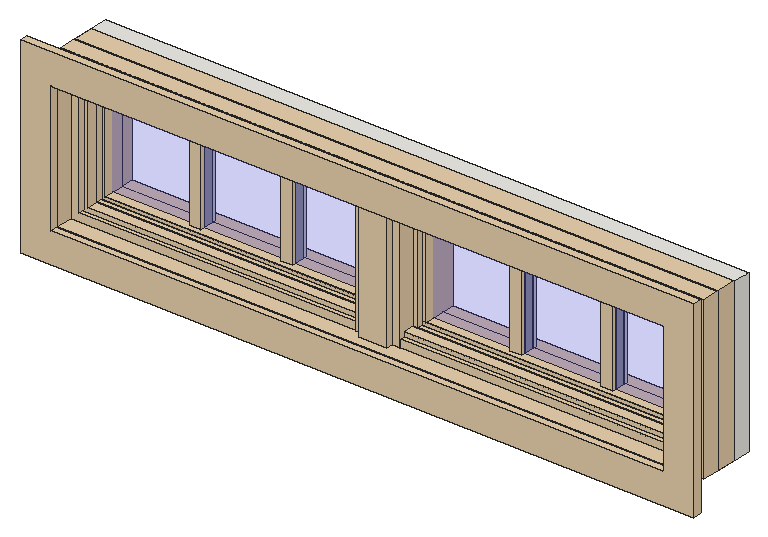
Revit family "1 Window-Transom_Fixed-Andersen-400_Series_Twin", category Windows, host Wall, Revit 2014
Parameters
  XPanelWidth = (Width / 2) - 0' 1 17/256"  # 1' - 10 239/256"
  XPanelHeight = Height - 0' 1 1/8"  # 0' - 10 7/8"
  Visual Light Transmittance = 0.48  # constant formula
  Thermal Resistance (R) = 0.62871  # 3.5700 (h·ft²·°F)/BTU
  TFL = if(Fractional Lights High > 5, 3, if(or(Fractional Lights High = 4, Fractional Lights High = 5), 2, if(or(Fractional Lights High = 2, Fractional Lights High = 3), 1, 1)))  # 2
  TFB = TFL - 1  # 1
  Solar Heat Gain Coefficient = 0.21  # constant formula
  Learn About These Parameters = "http://www.andersenwindows.com/for-professionals/cad-symbols-bim-support-window-doors/bim-support"
  LWide = if(Enter Pattern Number = 3, 3, if(Enter Pattern Number = 1, . . Lights Wide, Fractional Lights Wide))  # 3
  Heat Transfer Coefficient (U) = 1.5899  # 0.2800 BTU/(h·ft²·°F)
  Glazing Material = Glass ‐ Andersen - Low-E4 SmartSun
  Fractional Lights Wide = 3
  Fractional Lights High = 5
  Exterior Unit Finish = Vinyl - Andersen - White
  Enter Jamb Condition = 1
  ..Jamb Condition Number 1 = "Extension Jamb Only"  # constant formula
  ..Jamb Condition Number 2 = "Narrow Drywall Return"  # constant formula
  ..Jamb Condition Number 3 = "Wide Drywall Return"  # constant formula
  Available Grille Bar Sizes = "3/4'', 7/8'', 1 1/8'', 2 1/4''"  # constant formula
  Between Glass Grille Bar Sizes = "3/4'', 1''"  # constant formula
  Interior Casing = yes
  Grille Bar Size = 0' - 0 7/8"
  Enter Pattern Number = 1
  ..Pattern Number 1 = "Colonial"  # constant formula
  . . Lights Wide = 3
  . . Lights High = 1
  ..Pattern Number 2 = "Modified Colonial"  # constant formula
  ..Pattern Number 3 = "Prairie"  # constant formula
  ..Pattern Number 4 = "Short Fractional"  # constant formula
  ..Pattern Number 5 = "Tall Fractional"  # constant formula
  Extension Jamb = yes
  Enter Exterior Trim Number = 0
  ..Exterior Trim Number 0 = "No Exterior Trim"  # constant formula
  ..Exterior Trim Number 1 = "Brick Mould"  # constant formula
  ..Exterior Trim Number 2 = "3 1/2'' Flat Casing"  # constant formula
  ..Exterior Trim Number 3 = "4 1/2'' Flat Casing"  # constant formula
  Interior Grille Bar = yes
  Exterior Grille Bar = yes
  Between Glass Grille Bar = yes
  xjamb Visibility [instance] = and(and(Enter Jamb Condition = 1, Wall Depth > 0' 2 7/8"), Extension Jamb)  # yes
  xjamb S1 [instance] = if(Wall Depth > 0' 3", Wall Depth - 0' 2 27/32", 0' 3")  # 0' - 1 23/32"
  sill nose1 = 0' - 1 13/16"  # constant formula
  sill nose 2 = 0' - 1 15/16"  # constant formula
  casingS2 = if(Enter Exterior Trim Number = 1, 0' 0 3/16", 0' 0 3/16")  # 0' - 0 3/16"
  casingS1 = if(Enter Exterior Trim Number = 1, 0' 0 7/16", 0' 0 3/16")  # 0' - 0 3/16"
  casing4 = if(Enter Exterior Trim Number = 1, 0' 1 3/4", if(Enter Exterior Trim Number = 2, 0' 3 1/4", 0' 4 1/4"))  # 0' - 4 1/4"
  casing3 = 0' - 0 1/2"  # constant formula
  casing2 = 0' - 0 7/8"  # constant formula
  casing1 = 0' - 0 1/4"  # constant formula
  Xjamb 2 = if(or(Enter Jamb Condition = 2, Enter Jamb Condition = 3), 0' 0 1/32", 0' 0 1/2")  # 0' - 0 1/2"
  Xjamb 1 = if(or(Enter Jamb Condition = 2, Enter Jamb Condition = 3), 0' 0 5/8", 0' 1 3/32")  # 0' - 1 3/32"
  Wall Thickness [instance] = 0' - 6"
  Wall Depth [instance] = 0' - 4 9/16"
  Void Offset 2 = if(Enter Exterior Trim Number > 0, 0' 1 15/16", 0' 0")  # 0' - 0"
  Void Offset 1 = if(Enter Exterior Trim Number > 0, casing4, 0' 0")  # 0' - 0"
  Void Depth [instance] = if(Wall Thickness > Wall Depth, 0' 1" + Wall Thickness - Wall Depth, 0' 1")  # 0' - 2 7/16"
  VeriLock Sensor [instance] = no
  VGB DLO = if(Enter Pattern Number = 3, 0' 4", (H DLO - (Grille Bar Size * (V Bars))) / if(LWide > 2, LWide, 3))  # 1' - 1.91667"
  V Bars = if(Enter Pattern Number = 3, 2, if(LWide > 2, LWide - 1, 2))  # 2
  URL = "www.andersenwindows.com"
  Type Comments = "Vinyl-clad wood casement/awning transom window"
  TS V DLO = Height - HGO - SGO  # 0' - 7 1/2"
  TS V Bar Length = if(or(Enter Pattern Number = 5, Enter Pattern Number = 2), ((((Height - HGO - SGO - (Grille Bar Size * (Fractional Lights High - 1))) / Fractional Lights High)) * TFL) + (TFB * Grille Bar Size), if(Enter Pattern Number = 4, ((Height - HGO - SGO - (Grille Bar Size * (Fractional Lights High - 1))) / Fractional Lights High), Height - HGO - SGO))  # 0' - 7 1/2"
  TS SH DLO = if(or(Enter Pattern Number = 5, Enter Pattern Number = 2), ((((Height - HGO - SGO - (Grille Bar Size * (Fractional Lights High - 1))) / Fractional Lights High)) * TFL) + (TFB * Grille Bar Size) + HGO + (Grille Bar Size / 2), if(Enter Pattern Number = 4, TS V Bar Length + HGO + (Grille Bar Size / 2), (TS V DLO / 2) + HGO))  # 0' - 6"
  TS S V = or(and(LWide = 2, Enter Pattern Number = 1), and(Fractional Lights Wide = 2, or(or(Enter Pattern Number = 2, Enter Pattern Number = 4), Enter Pattern Number = 5)))  # no
  TS S H Craftsman = and(Enter Pattern Number = 2, or(Fractional Lights High = 4, Fractional Lights High = 5))  # no
  TS S H = or(or(or(and(. . Lights High = 2, Enter Pattern Number = 1), and(Enter Pattern Number = 4, Fractional Lights High > 1)), and(Enter Pattern Number = 5, Fractional Lights High > 1)), and(Enter Pattern Number = 2, Fractional Lights High > 1))  # no
  TS M V = LWide > 2  # yes
  TS M H = or(or(Enter Pattern Number = 3, and(. . Lights High > 2, Enter Pattern Number = 1)), and(Enter Pattern Number = 2, Fractional Lights High > 5))  # no
  TS HGB DLO = if(Enter Pattern Number = 1, if(. . Lights High > 2, ((TS V Bar Length - (Grille Bar Size * (. . Lights High - 1))) / . . Lights High), 0' 4"), if(Enter Pattern Number = 3, 0' 4", if(Fractional Lights High > 2, ((TS V Bar Length - (Grille Bar Size * 2)) / 3), 0' 4")))  # 0' - 4"
  TS H Bars = if(Enter Pattern Number = 3, 2, if(Enter Pattern Number = 1, if(. . Lights High > 2, . . Lights High - 1, 2), 2))  # 2
  Step Visibility = or(Enter Jamb Condition = 2, Enter Jamb Condition = 3)  # no
  Step Jamb2 = if(Enter Jamb Condition = 2, 0' 0 1/4", 0' 0 13/16")  # 0' - 0 13/16"
  Step Jamb1 = 0' - 1 1/8"  # constant formula
  Sill Stop Dim [instance] = 0' - 2 1/2"
  SGO = 0' - 2 1/4"  # constant formula
  Rough Width = Width + (Rough Opening Offset * 2)  # 4' - 0 1/2"
  Rough Opening Offset = 0' - 0 1/4"
  Rough Height = Height + (Rough Opening Offset * 2)  # 1' - 0 1/2"
  Push Out Stop Visibility [instance] = no
  Product Documentation Link = "https://www.andersenwindows.com/windows-and-doors/series/400-series/"
  Plan Exterior Mask Visibility [instance] = Plan Exterior Mask 2 > 0' 0 1/32"  # yes
  Plan Exterior Mask 2 [instance] = if(Enter Exterior Trim Number > 0, if(Wall Depth + 0' 1 1/16" + casingS1 > Wall Thickness, 0' 0 1/32", Wall Thickness - Wall Depth - 0' 1 1/16" - casingS1), if(Wall Depth + 0' 1 1/16" > Wall Thickness, 0' 0 1/32", Wall Thickness - Wall Depth - 0' 0 1/16"))  # 0' - 1 3/8"
  Plan Exterior Mask [instance] = if(Enter Exterior Trim Number > 0, 0' 1 1/16" + casingS1, 0' 1 1/16")  # 0' - 1 1/16"
  Nail Fin Visibility = Enter Exterior Trim Number = 0  # yes
  Model = "400-Series Casement/Awning Transom"  # constant formula
  Masonry Width = if(Enter Exterior Trim Number > 0, Width + ((casing4 + Masonry Opening Offset) * 2), Width + (Masonry Opening Offset * 2))  # 4' - 0 1/2"
  Masonry Opening Offset = 0' - 0 1/4"
  Masonry Height = if(Enter Exterior Trim Number > 0, Height + (casing4 + Masonry Opening Offset) + (sill nose 2 + Masonry Opening Offset), Height + (Masonry Opening Offset * 2))  # 1' - 0 1/2"
  Manufacturer = "Andersen Corporation"  # constant formula
  JGO = 0' - 2 1/4"  # constant formula
  Interior Trim Visibility = and(Enter Jamb Condition = 1, Interior Casing)  # yes
  Interior Material = Wood - Andersen - Pine
  Interior Casing Size = 0' - 2 1/4"
  Horizontal Craftsman Bar Size = 0' - 0 7/8"
  Height = 1' - 0"
  Head Stop Dim [instance] = 0' - 2 17/64"
  HGO = 0' - 2 1/4"  # constant formula
  H DLO = Width - (JGO * 2)  # 3' - 7 1/2"
  Family Version = "01.01.19"  # constant formula
  Exterior Trim Finish = Fibrex Composite - Andersen - White
  Designation = "P"
  Description = "Vinyl-clad wood casement/awning transom window"  # constant formula
  Default Sill Height = 6' 10 1/2" - Rough Height  # 5' - 10"
  Wall Closure = By host
  Width = 4' - 0"
  Crank Out Stop Visibility [instance] = yes
  Coarse Plan [instance] = if(Wall Depth < Wall Thickness, Wall Depth, Wall Thickness)  # 0' - 4 9/16"
  Casing Visibility = Enter Exterior Trim Number > 0  # no
  Between Glass Grille Bar Finish = Stainless Steel - Andersen - Standard
  Bar Center Line = if(Enter Pattern Number = 3, 1, 2)  # 2
  Assembly Code = "B2020100"
Reference planes (in)
  plane 1 "Center (Front/Back)": y = 16.46373
  plane 2: z = 0
  plane 3 "Center (Left/Right)": x = 0
  plane 4 "R Frame": x = -24
  plane 5 "L Frame": x = 24
  plane 6 "B Frame": z = 70.25
  plane 7 "T Frame": z = 82.25
  plane 8 "L Glazing": x = 21.75
  plane 9 "L Ext Frame": x = 23.4375
  plane 10 "L Stop": x = 22
  plane 11 "L Xjamb 1": x = 22.90625
  plane 12 "L Casing 1": x = 23.75
  plane 13 "L Xjamb 2": x = 23.5
  plane 14 "L Rough Opening": x = 24.25
  plane 15 "L Casing 2": x = 27.375
  plane 16 "L Casing 3": x = 27.75
  plane 17 "L Casing 4": x = 28.25
  plane 18 "R Glazing": x = -21.75
  plane 19 "R Ext Frame": x = -23.4375
  plane 20 "R Stop": x = -22
  plane 21 "R Xjamb 1": x = -22.90625
  plane 22 "R Casing 1": x = -23.75
  plane 23 "R Xjamb 2": x = -23.5
  plane 24 "R Rough Opening": x = -24.25
  plane 25 "R Casing 2": x = -27.375
  plane 26 "R Casing 3": x = -27.75
  plane 27 "R Casing 4": x = -28.25
  plane 28 "R Int Casing": x = -25.15625
  plane 29 "T Ext Frame": z = 81.68689
  plane 30 "T Xjamb 1": z = 81.125
  plane 31 "T Casing 1": z = 82
  plane 32 "T Xjamb 2": z = 81.75
  plane 33 "T Rough Opening": z = 82.5
  plane 34 "T Casing 2": z = 85.625
  plane 35 "T Casing 3": z = 86
  plane 36 "T Casing 4": z = 86.5
  plane 37 "T Int Casing": z = 83.375
  plane 38 "B Ext Frame": z = 70.81311
  plane 39 "B Xjamb 2": z = 70.75
  plane 40 "B Casing 1": z = 70.5
  plane 41 "B Casing 2": z = 68.3125
  plane 42 "B Int Casing": z = 69.125
  plane 43 "L Int Casing": x = 25.15625
  plane 44 "Casing S1": y = 19.52573
  plane 45 "Casing S2": y = 19.52573
  plane 46 "Frame S1": y = 19.33823
  plane 47 "Flange": y = 18.02623
  plane 48 "Sash1 S2": y = 16.46373
  plane 49 "Frame S2": y = 15.17823
  plane 50 "B Xjamb 1": z = 71.375
  plane 51 "Exterior Offset": y = 20.46373
  plane 52 "Interior Casing": y = 12.83873
  plane 53 "B Rough Opening": z = 70
  plane 54 "R Masonry Opening": x = -28.5
  plane 55 "L Masonry Opening": x = 28.5
  plane 56 "T Masonry Opening": z = 86.75
  plane 57 "B Masonry Opening": z = 68.0625
  plane 58 "Xjamb S1": y = 15.18248
  plane 59 "Sash1 S1": y = 19.02623
  plane 60 "Stop S1": y = 14.77623
  plane 61 "T Int Frame": z = 81.125
  plane 62 "B Int Frame": z = 71.375
  plane 63 "L Int Frame": x = 22.891
  plane 64 "R Int Frame": x = -22.891
  plane 65 "T Stop": z = 80.25
  plane 66 "B Stop": z = 72.25
Forms (in)
  Extrusion 1, void
    sketch origin (0, 16.46373, 0) x (1, 0, 0) y (0, 0, 1)
      loop
        line (24, 82.25) -> (-24, 82.25) -> (-24, 70.25) -> (24, 70.25) -> (24, 82.25)
    from -1.5625 to 3
  Extrusion 2, void
    sketch origin (0, 16.46373, 0) x (1, 0, 0) y (0, 0, 1)
      loop
        line (24, 82.25) -> (-24, 82.25) -> (-24, 70.25) -> (24, 70.25) -> (24, 82.25)
    from -15 to -1.5625
  Extrusion 3, solid, material "Wood - Andersen - Pine" <- "Interior Material", visible <- "xjamb Visibility", detail levels medium+fine
    sketch origin (0, -2.5625, 0) x (-1, 0, 0) y (0, 0, 1)
      loop
        line (23.5, 81.75) -> (-23.5, 81.75) -> (-23.5, 70.75) -> (23.5, 70.75) -> (23.5, 81.75)
      loop
        line (22.90625, 81.125) -> (-22.90625, 81.125) -> (-22.90625, 71.375) -> (22.90625, 71.375) -> (22.90625, 81.125)
    from 17.74498 to 16.02623
  Extrusion 4, solid, material "Wood - Andersen - Pine" <- "Interior Material", visible <- "Interior Trim Visibility", detail levels fine
    sketch origin (0, 12.83873, 0) x (-1, 0, 0) y (0, 0, 1)
      loop
        line (25.15625, 83.375) -> (-25.15625, 83.375) -> (-25.15625, 69.125) -> (25.15625, 69.125) -> (25.15625, 83.375)
      loop
        line (22.90625, 81.125) -> (-22.90625, 81.125) -> (-22.90625, 71.375) -> (22.90625, 71.375) -> (22.90625, 81.125)
    from 0 to 0.625
  Extrusion 5, solid, material "Fibrex Composite - Andersen - White" <- "Exterior Trim Finish", visible <- "Casing Visibility", detail levels medium+fine
    sketch origin (0, 0, 0) x (0, 1, 0) y (0, 0, 1)
      loop
        line (18.77536, 70.25) -> (18.02623, 70.25) -> (18.02623, 68.3125) -> (19.83873, 68.3125) -> (19.83873, 70.0625) -> (18.77536, 70.25)
    from -28.25 to 28.25
  Sweep 6, solid, material "Fibrex Composite - Andersen - White" <- "Exterior Trim Finish", visible <- "Casing Visibility", detail levels medium+fine
    path origin (0, 18.02623, 0) x (-1, 0, 0) y (0, 0, 1)
      loop
        line (-28.25, 68.3125) -> (-28.25, 86.5) -> (28.25, 86.5) -> (28.25, 68.3125)
    profile origin (28.25, 18.02623, 77.40625) x (1, 0, 0) y (0, 1, 0)
      loop
        line (-0.875, 1.4995) -> (-4.5, 1.4995) -> (-4.5, 0) -> (0, 0) -> (0, 1.4995) -> (-0.5, 1.4995) -> (-0.875, 1.4995)
  Extrusion 7, solid, material "Fibrex Composite - Andersen - White" <- "Exterior Trim Finish", visible <- "Casing Visibility", detail levels coarse
    sketch origin (0, 18.02623, 0) x (-1, 0, 0) y (0, 0, 1)
      loop
        line (-28.25, 86.5) -> (-28.25, 68.3125) -> (28.25, 68.3125) -> (28.25, 86.5) -> (-28.25, 86.5)
      loop
        line (-23.75, 82) -> (-23.75, 70.25) -> (23.75, 70.25) -> (23.75, 82) -> (-23.75, 82)
    from 0 to 1.4995
  Extrusion 8, solid, material "Wood - Andersen - Pine" <- "Interior Material", detail levels medium+fine
    sketch origin (0, 16.46373, 0) x (-1, 0, 0) y (0, 0, 1)
      loop
        line (23.42, 81.5) -> (-23.42, 81.5) -> (-23.42, 70.99975) -> (23.42, 70.99975) -> (23.42, 81.5)
      loop
        line (21.75, 80) -> (-21.75, 80) -> (-21.75, 72.5) -> (21.75, 72.5) -> (21.75, 80)
    from 0 to 1.5625
  Extrusion 9, solid, material "Vinyl - Andersen - White" <- "Exterior Unit Finish"
    sketch origin (0, 16.46373, 0) x (1, 0, 0) y (0, 0, 1)
      loop
        line (24, 82.25) -> (-24, 82.25) -> (-24, 70.25) -> (24, 70.25) -> (24, 82.25)
      loop
        line (23.4375, 81.68689) -> (-23.4375, 81.68689) -> (-23.4375, 70.81311) -> (23.4375, 70.81311) -> (23.4375, 81.68689)
    from -2.8745 to 0
  Extrusion 10, solid, material "Wood - Andersen - Pine" <- "Interior Material", detail levels medium+fine
    sketch origin (0, 16.46373, 0) x (1, 0, 0) y (0, 0, 1)
      loop
        line (24, 82.25) -> (-24, 82.25) -> (-24, 70.25) -> (24, 70.25) -> (24, 82.25)
      loop
        line (22.891, 81.125) -> (-22.891, 81.125) -> (-22.891, 71.375) -> (22.891, 71.375) -> (22.891, 81.125)
    from 0 to 1.2855
  Extrusion 11, solid, material "Wood - Andersen - Pine" <- "Interior Material"
    sketch origin (0, 0, 0) x (1, 0, 0) y (0, 1, 0)
      loop
        line (-22.891, 14.77623) -> (-22.3125, 14.77623) -> (-22.3125, 16.02623) -> (-22, 16.02623) -> (-22, 16.46373) -> (-22.891, 16.46373) -> (-22.891, 14.77623)
      loop
        line (22.891, 14.77623) -> (22.891, 16.46373) -> (22, 16.46373) -> (22, 16.02623) -> (22.3125, 16.02623) -> (22.3125, 14.77623) -> (22.891, 14.77623)
    from 71.375 to 81.125
  Sweep 12, solid, material "Wood - Andersen - Pine" <- "Interior Material", visible <- "Step Visibility"
    path origin (0, 18.02623, 0) x (-1, 0, 0) y (0, 0, 1)
      loop
        line (24, 70.25) -> (24, 82.25) -> (-24, 82.25) -> (-24, 70.25) -> (24, 70.25)
    profile origin (-24, 18.02623, 76.25) x (1, 0, 0) y (0, 1, 0)
      loop
        line (0, -2.848) -> (0, -3.6605) -> (1.09375, -3.6605) -> (1.09375, -2.848) -> (0, -2.848)
  Extrusion 13, solid, material "Wood - Andersen - Pine" <- "Interior Material"
    sketch origin (0, 0, 0) x (0, 1, 0) y (0, 0, 1)
      loop
        line (14.77623, 81.125) -> (14.77623, 80.5625) -> (16.02623, 80.5625) -> (16.02623, 80.25) -> (16.46373, 80.25) -> (16.46373, 81.125) -> (14.77623, 81.125)
      loop
        line (16.02623, 72.25) -> (16.02623, 71.9375) -> (14.77623, 71.9375) -> (14.77623, 71.375) -> (16.46373, 71.375) -> (16.46373, 72.25) -> (16.02623, 72.25)
    from -22.891 to 22.891
  Sweep 14, solid, material "Wood - Andersen - Pine" <- "Interior Material"
    path origin (0, 18.02623, 0) x (-1, 0, 0) y (0, 0, 1)
      loop
        line (-24, 82.25) -> (-24, 70.25) -> (24, 70.25) -> (24, 82.25) -> (-24, 82.25)
    profile origin (24, 18.02623, 76.25) x (0, 1, 0) y (-1, 0, 0)
      loop
        line (0, 2.25) -> (-1.5625, 2.25) -> (-1.5625, 2) -> (-2.848, 2) -> (-2.848, 0) -> (0, 0) -> (0, 2.25)
  Extrusion 15, solid, material "Vinyl - Andersen - White" <- "Exterior Unit Finish"
    sketch origin (44.6335, -0.68456, 70.25) x (0, -1, 0) y (1, 0, 0)
      loop
        line (-20.02279, -45.1355) -> (-17.14829, -45.1355) -> (-17.14829, -44.1315) -> (-20.02279, -44.1315) -> (-20.02279, -45.1355)
    from 0.56311 to 11.43689
  Extrusion 16, solid, material "Wood - Andersen - Pine" <- "Interior Material"
    sketch origin (44.6335, -0.68456, 70.25) x (0, -1, 0) y (1, 0, 0)
      loop
        line (-17.14829, -46.573) -> (-16.71079, -46.573) -> (-16.71079, -46.2605) -> (-15.46079, -46.2605) -> (-15.46079, -45.682) -> (-14.94279, -45.682) -> (-14.94279, -43.585) -> (-15.46079, -43.585) -> (-15.46079, -43.0065) -> (-16.71079, -43.0065) -> (-16.71079, -42.694) -> (-17.14829, -42.694) -> (-17.14829, -46.573)
    from 1.125 to 10.875
Cuts and joins
  joined: Extrusion 5, Sweep 6
  joined: Extrusion 11, Extrusion 13
  joined: Extrusion 9, Extrusion 15
  joined: Sweep 14, Extrusion 16
Lines and regions (in)
  Masking region 1, detail levels medium+fine
    outline origin (0, 0, 70.81311) x (0, -1, 0) y (1, 0, 0)
      loop
        line (-19.33823, -24) -> (-15.17823, -24) -> (-15.17823, -22.891) -> (-14.77623, -22.891) -> (-14.77623, 22.891) -> (-15.17823, 22.891) -> (-15.17823, 24) -> (-19.33823, 24) -> (-19.33823, -24)
  Masking region 2, visible <- "Casing Visibility", detail levels medium+fine
    outline origin (0, 0, 70.25) x (0, -1, 0) y (1, 0, 0)
      loop
        line (-19.33823, -24) -> (-19.33823, 24) -> (-18.02623, 24) -> (-18.02623, 28.25) -> (-19.52573, 28.25) -> (-19.52573, -28.25) -> (-18.02623, -28.25) -> (-18.02623, -24) -> (-19.33823, -24)
  Masking region 3, visible <- "Nail Fin Visibility", detail levels coarse
    outline origin (0, 0, 70.25) x (0, -1, 0) y (1, 0, 0)
      loop
        line (-20.46373, -24) -> (-13.46373, -24) -> (-13.46373, 24) -> (-20.46373, 24) -> (-20.46373, -24)
  Masking region 4
    outline origin (0, 0, 0) x (0, 1, 0) y (0, 0, 1)
      loop
        line (19.33823, 82.25) -> (15.17823, 82.25) -> (15.17823, 81.125) -> (14.77623, 81.125) -> (14.77623, 71.375) -> (15.17823, 71.375) -> (15.17823, 70.25) -> (19.33823, 70.25) -> (19.33823, 82.25)
  Masking region 5, visible <- "Casing Visibility"
    outline origin (0, 0, 0) x (0, 1, 0) y (0, 0, 1)
      loop
        line (19.33823, 70.15075) -> (19.33823, 70.25) -> (18.02623, 70.25) -> (18.02623, 68.3125) -> (19.83873, 68.3125) -> (19.83873, 70.0625) -> (19.33823, 70.15075)
  Masking region 6, visible <- "Casing Visibility"
    outline origin (0, 0, 0) x (0, 1, 0) y (0, 0, 1)
      loop
        line (19.33823, 82.25) -> (19.33823, 70.15075) -> (19.52573, 70.11769) -> (19.52573, 86.5) -> (18.02623, 86.5) -> (18.02623, 82.25) -> (19.33823, 82.25)
  Masking region 7, visible <- "Casing Visibility", detail levels coarse
    outline origin (0, 0, 70.25) x (0, -1, 0) y (1, 0, 0)
      loop
        line (-20.46373, -28.25) -> (-18.02623, -28.25) -> (-18.02623, -24) -> (-13.46373, -24) -> (-13.46373, 24) -> (-18.02623, 24) -> (-18.02623, 28.25) -> (-20.46373, 28.25) -> (-20.46373, -28.25)
  Masking region 8, visible <- "Step Visibility", detail levels medium+fine
    outline origin (0, 0, 0) x (0, 1, 0) y (0, 0, 1)
      loop
        line (15.18248, 82.25) -> (14.36573, 82.25) -> (14.36573, 70.25) -> (15.18248, 70.25) -> (15.18248, 71.375) -> (14.77623, 71.375) -> (14.77623, 81.125) -> (15.18248, 81.125) -> (15.18248, 82.25)
  Masking region 9, visible <- "xjamb Visibility", detail levels medium+fine
    outline origin (0, 0, 0) x (0, 1, 0) y (0, 0, 1)
      loop
        line (15.18248, 81.75) -> (13.46373, 81.75) -> (13.46373, 70.75) -> (15.18248, 70.75) -> (15.18248, 71.375) -> (14.77623, 71.375) -> (14.77623, 81.125) -> (15.18248, 81.125) -> (15.18248, 81.75)
  Masking region 10, visible <- "Interior Trim Visibility", detail levels fine
    outline origin (0, 0, 0) x (0, 1, 0) y (0, 0, 1)
      loop
        line (13.46373, 83.375) -> (12.83873, 83.375) -> (12.83873, 69.125) -> (13.46373, 69.125) -> (13.46373, 83.375)
  Masking region 11, visible <- "Step Visibility", detail levels medium+fine
    outline origin (0, 0, 70.25) x (0, -1, 0) y (1, 0, 0)
      loop
        line (-15.18248, -24) -> (-14.36573, -24) -> (-14.36573, 24) -> (-15.18248, 24) -> (-15.18248, 22.891) -> (-14.77623, 22.891) -> (-14.77623, -22.891) -> (-15.18248, -22.891) -> (-15.18248, -24)
  Masking region 12, visible <- "xjamb Visibility", detail levels medium+fine
    outline origin (0, 0, 70.25) x (0, -1, 0) y (1, 0, 0)
      loop
        line (-15.18248, -23.5) -> (-13.46373, -23.5) -> (-13.46373, 23.5) -> (-15.18248, 23.5) -> (-15.18248, 22.891) -> (-14.77623, 22.891) -> (-14.77623, -22.891) -> (-15.18248, -22.891) -> (-15.18248, -23.5)
  Masking region 13, visible <- "Interior Trim Visibility", detail levels fine
    outline origin (0, 0, 70.25) x (0, -1, 0) y (1, 0, 0)
      loop
        line (-13.46373, -25.15625) -> (-12.83873, -25.15625) -> (-12.83873, 25.15625) -> (-13.46373, 25.15625) -> (-13.46373, -25.15625)
  symbolic lines, style "WindowsFrameMullionProjection", visible <- "Casing Visibility", detail levels fine
    curve 1: line (27.75, 19.52573, 70.25) -> (27.375, 19.52573, 70.25)
    curve 2: line (27.375, 19.52573, 70.25) -> (23.75, 19.52573, 70.25)
    curve 3: line (-27.75, 19.52573, 70.25) -> (-27.375, 19.52573, 70.25)
    curve 4: line (-27.375, 19.52573, 70.25) -> (-23.75, 19.52573, 70.25)
    curve 5: line (-23.75, 19.52573, 70.25) -> (-23.75, 19.33823, 70.25)
    curve 164: line (23.75, 19.52573, 70.25) -> (23.75, 19.33823, 70.25)
  symbolic lines, style "WindowsFrameMullionProjection", detail levels medium
    curve 6: line (-21.75, 19.02623, 70.25) -> (-21.75, 14.77623, 70.25)
    curve 7: line (21.75, 19.02623, 70.25) -> (21.75, 14.77623, 70.25)
    curve 255: line (-2.19141, 19.02623, 0) -> (-0.50391, 19.02623, 0)
    curve 256: line (-0.50391, 19.02623, 0) -> (-0.50391, 19.33823, 0)
    curve 257: line (-0.50391, 19.33823, 0) -> (0.502, 19.33823, 0)
    curve 258: line (0.502, 19.33823, 0) -> (0.502, 19.02623, 0)
    curve 259: line (0.502, 19.02623, 0) -> (2.19141, 19.02623, 0)
    curve 260: line (2.19141, 19.02623, 0) -> (2.19141, 14.77623, 0)
    curve 261: line (2.19141, 14.77623, 0) -> (1.0485, 14.77623, 0)
    curve 262: line (1.0485, 14.94573, 0) -> (1.0485, 14.25823, 0)
    curve 263: line (1.0485, 14.25823, 0) -> (-1.0485, 14.25823, 0)
    curve 264: line (-1.0485, 14.25823, 0) -> (-1.0485, 14.94573, 0)
    curve 265: line (-1.0485, 14.77623, 0) -> (-2.19141, 14.77623, 0)
    curve 266: line (-2.19141, 14.77623, 0) -> (-2.19141, 19.02623, 0)
    curve 267: line (-1.0485, 14.94573, 0) -> (1.0485, 14.94573, 0)
    curve 281: line (-23.4375, 19.33823, 70.25) -> (-23.4375, 19.02623, 70.25)
    curve 282: line (-21.75, 19.02623, 70.25) -> (-23.4375, 19.02623, 70.25)
    curve 283: line (23.4375, 19.02623, 70.25) -> (21.75, 19.02623, 70.25)
    curve 284: line (23.4375, 19.33823, 70.25) -> (23.4375, 19.02623, 70.25)
  symbolic lines, style "WindowsFrameMullionProjection", detail levels coarse
    curve 8: line (-21.75, 13.46373, 70.25) -> (-21.75, 20.46373, 70.25)
    curve 9: line (21.75, 13.46373, 70.25) -> (21.75, 20.46373, 70.25)
  symbolic lines, style "WindowsGlassProjection", detail levels coarse
    curve 10: line (-21.75, 16.46373, 70.25) -> (21.75, 16.46373, 70.25)
    curve 11: line (-21.75, 17.46373, 70.25) -> (21.75, 17.46373, 70.25)
  symbolic lines, style "WindowsFrameMullionProjection", visible <- "Casing Visibility"
    curve 12: line (0, 19.52573, 86) -> (0, 19.52573, 85.625)
    curve 13: line (0, 19.52573, 85.625) -> (0, 19.52573, 82)
    curve 14: line (0, 19.52573, 82) -> (0, 19.33823, 82)
    curve 108: line (-28.25, 19.52573, 70.25) -> (-28.25, 18.02623, 70.25)
    curve 110: line (28.25, 19.52573, 70.25) -> (28.25, 18.02623, 70.25)
    curve 112: line (0, 19.52573, 86.5) -> (0, 18.02623, 86.5)
    curve 114: line (0, 19.52573, 68.3125) -> (0, 18.02623, 68.3125)
  symbolic lines, style "WindowsFrameMullionProjection", visible <- "Casing Visibility", detail levels medium
    curve 15: line (-24, 19.33823, 70.25) -> (-24, 19.52573, 70.25)
    curve 16: line (24, 19.52573, 70.25) -> (24, 19.33823, 70.25)
  symbolic lines, style "WindowsFrameMullionProjection", visible <- "Nail Fin Visibility", detail levels medium+fine
    curve 17: line (-24, 18.02623, 0) -> (-25.5, 18.02623, 0)
    curve 39: line (24, 18.02623, 0) -> (25.5, 18.02623, 0)
  symbolic lines, style "WindowsFrameMullionProjection", detail levels fine
    curve 18: line (-22, 16.46373, 0) -> (-22, 16.02623, 0)
    curve 19: line (-23.3575, 18.90123, 0) -> (-23.3575, 19.02623, 0)
    curve 20: line (-23.3575, 19.02623, 0) -> (-22.30567, 19.02623, 0)
    curve 23: line (-21.81277, 16.46373, 0) -> (-21.75, 17.15123, 0)
    curve 31: line (-21.81277, 18.65123, 0) -> (-21.75, 18.02623, 0)
    curve 35: line (-21.875, 17.27623, 0) -> (-21.875, 17.90123, 0)
    curve 40: line (22, 16.46373, 0) -> (22, 16.02623, 0)
    curve 41: line (23.3575, 18.90123, 0) -> (23.3575, 19.02623, 0)
    curve 42: line (23.3575, 19.02623, 0) -> (22.30567, 19.02623, 0)
    curve 45: line (21.81277, 16.46373, 0) -> (21.75, 17.15123, 0)
    curve 46: line (21.81277, 18.65123, 0) -> (21.75, 18.02623, 0)
    curve 49: line (21.875, 17.27623, 0) -> (21.875, 17.90123, 0)
    curve 61: line (0, 17.90123, 80.125) -> (0, 17.27623, 80.125)
    curve 66: line (-22, 16.02623, 0) -> (-22.3125, 16.02623, 0)
    curve 67: line (-22.3125, 16.02623, 0) -> (-22.3125, 14.77623, 0)
    curve 70: line (22, 16.02623, 0) -> (22.3125, 16.02623, 0)
    curve 71: line (22.3125, 16.02623, 0) -> (22.3125, 14.77623, 0)
    curve 85: line (-23.3575, 18.90123, 0) -> (-23.4375, 18.90123, 0)
    curve 86: line (-22.25253, 18.65123, 0) -> (-21.81277, 18.65123, 0)
    curve 87: line (-22.625, 16.46373, 0) -> (-21.81277, 16.46373, 0)
    curve 88: line (-22.625, 15.36998, 0) -> (-22.891, 15.36998, 0)
    curve 93: line (23.3575, 18.90123, 0) -> (23.4375, 18.90123, 0)
    curve 94: line (22.25253, 18.65123, 0) -> (21.81277, 18.65123, 0)
    curve 95: line (22.625, 16.46373, 0) -> (21.81277, 16.46373, 0)
    curve 96: line (22.625, 15.36998, 0) -> (22.891, 15.36998, 0)
    curve 97: line (-23.4375, 18.90123, 0) -> (-23.4375, 19.33823, 0)
    curve 99: line (23.4375, 18.90123, 0) -> (23.4375, 19.33823, 0)
    curve 100: line (-22.30567, 19.02623, 0) -> (-22.25253, 18.65123, 0)
    curve 102: line (22.30567, 19.02623, 0) -> (22.25253, 18.65123, 0)
    curve 137: line (-22.625, 18.02623, 0) -> (-22.625, 15.36998, 0)
    curve 139: line (22.625, 18.02623, 0) -> (22.625, 15.36998, 0)
    curve 140: line (-22.891, 15.36998, 0) -> (-22.891, 15.17823, 0)
    curve 142: line (22.891, 15.36998, 0) -> (22.891, 15.17823, 0)
    curve 154: line (0, 17.90123, 72.375) -> (0, 17.27623, 72.375)
    curve 165: line (1.9395, 16.46373, 0) -> (1.9395, 16.02623, 0)
    curve 166: line (0.582, 18.90123, 0) -> (0.582, 19.02623, 0)
    curve 167: line (0.582, 19.02623, 0) -> (1.63383, 19.02623, 0)
    curve 170: line (2.12673, 16.46373, 0) -> (2.1895, 17.15123, 0)
    curve 171: line (2.12673, 18.65123, 0) -> (2.1895, 18.02623, 0)
    curve 174: line (2.0645, 17.27623, 0) -> (2.0645, 17.90123, 0)
    curve 175: line (1.9395, 16.02623, 0) -> (1.627, 16.02623, 0)
    curve 176: line (1.627, 16.02623, 0) -> (1.627, 14.77623, 0)
    curve 177: line (0.582, 18.90123, 0) -> (0.502, 18.90123, 0)
    curve 178: line (1.68697, 18.65123, 0) -> (2.12673, 18.65123, 0)
    curve 179: line (1.3145, 16.46373, 0) -> (2.12673, 16.46373, 0)
    curve 180: line (1.3145, 15.36998, 0) -> (1.0485, 15.36998, 0)
    curve 181: line (0.502, 18.90123, 0) -> (0.502, 19.33823, 0)
    curve 182: line (1.63383, 19.02623, 0) -> (1.68697, 18.65123, 0)
    curve 183: line (1.3145, 18.02623, 0) -> (1.3145, 15.36998, 0)
    curve 184: line (1.0485, 15.36998, 0) -> (1.0485, 14.25823, 0)
    curve 185: line (-1.9395, 16.46373, 0) -> (-1.9395, 16.02623, 0)
    curve 186: line (-0.582, 18.90123, 0) -> (-0.582, 19.02623, 0)
    curve 187: line (-0.582, 19.02623, 0) -> (-1.63383, 19.02623, 0)
    curve 190: line (-2.12673, 16.46373, 0) -> (-2.1895, 17.15123, 0)
    curve 191: line (-2.12673, 18.65123, 0) -> (-2.1895, 18.02623, 0)
    curve 194: line (-2.0645, 17.27623, 0) -> (-2.0645, 17.90123, 0)
    curve 195: line (-1.9395, 16.02623, 0) -> (-1.627, 16.02623, 0)
    curve 196: line (-1.627, 16.02623, 0) -> (-1.627, 14.77623, 0)
    curve 197: line (-0.582, 18.90123, 0) -> (-0.502, 18.90123, 0)
    curve 198: line (-1.68697, 18.65123, 0) -> (-2.12673, 18.65123, 0)
    curve 199: line (-1.3145, 16.46373, 0) -> (-2.12673, 16.46373, 0)
    curve 200: line (-1.3145, 15.36998, 0) -> (-1.0485, 15.36998, 0)
    curve 201: line (-0.502, 18.90123, 0) -> (-0.502, 19.33823, 0)
    curve 202: line (-1.63383, 19.02623, 0) -> (-1.68697, 18.65123, 0)
    curve 203: line (-1.3145, 18.02623, 0) -> (-1.3145, 15.36998, 0)
    curve 204: line (-1.0485, 15.36998, 0) -> (-1.0485, 14.25823, 0)
    curve 205: line (0.502, 19.33823, 0) -> (-0.502, 19.33823, 0)
    curve 206: line (-1.627, 14.77623, 0) -> (-1.0485, 14.77623, 0)
    curve 207: line (1.0485, 14.77623, 0) -> (1.627, 14.77623, 0)
    curve 208: line (1.0485, 14.25823, 0) -> (-1.0485, 14.25823, 0)
    curve 209: line (1.0485, 14.94573, 0) -> (-1.0485, 14.94573, 0)
  symbolic lines, style "WindowsGlassProjection", detail levels fine
    curve 21: line (-21.75, 18.02623, 0) -> (-22.625, 18.02623, 0)
    curve 22: line (-21.75, 17.15123, 0) -> (-22.625, 17.15123, 0)
    curve 33: line (-21.75, 17.90123, 0) -> (-22.625, 17.90123, 0)
    curve 34: line (-21.75, 17.27623, 0) -> (-22.625, 17.27623, 0)
    curve 43: line (21.75, 18.02623, 0) -> (22.625, 18.02623, 0)
    curve 44: line (21.75, 17.15123, 0) -> (22.625, 17.15123, 0)
    curve 47: line (21.75, 17.90123, 0) -> (22.625, 17.90123, 0)
    curve 48: line (21.75, 17.27623, 0) -> (22.625, 17.27623, 0)
    curve 59: line (0, 17.90123, 80.89) -> (0, 17.90123, 80)
    curve 60: line (0, 17.27623, 80.89) -> (0, 17.27623, 80)
    curve 152: line (0, 17.90123, 71.61) -> (0, 17.90123, 72.5)
    curve 153: line (0, 17.27623, 71.61) -> (0, 17.27623, 72.5)
    curve 168: line (2.1895, 18.02623, 0) -> (1.3145, 18.02623, 0)
    curve 169: line (2.1895, 17.15123, 0) -> (1.3145, 17.15123, 0)
    curve 172: line (2.19141, 17.90123, 0) -> (1.3145, 17.90123, 0)
    curve 173: line (2.19141, 17.27623, 0) -> (1.3145, 17.27623, 0)
    curve 188: line (-2.1895, 18.02623, 0) -> (-1.3145, 18.02623, 0)
    curve 189: line (-2.1895, 17.15123, 0) -> (-1.3145, 17.15123, 0)
    curve 192: line (-2.19141, 17.90123, 0) -> (-1.3145, 17.90123, 0)
    curve 193: line (-2.19141, 17.27623, 0) -> (-1.3145, 17.27623, 0)
  symbolic lines, style "WindowsFrameMullionProjection", visible <- "Nail Fin Visibility", not visible, detail levels medium+fine
    curve 24: line (-35.18862, 120.69666, 0) -> (-36.68862, 120.69666, 0)
  symbolic lines, style "WindowsFrameMullionProjection", not visible, detail levels fine
    curve 25: line (-33.18862, 119.13416, 0) -> (-33.18862, 118.69666, 0)
    curve 26: line (-34.54612, 121.57166, 0) -> (-34.54612, 121.69666, 0)
    curve 27: line (-34.54612, 121.69666, 0) -> (-33.49429, 121.69666, 0)
    curve 30: line (-33.00138, 119.13416, 0) -> (-32.93862, 119.82166, 0)
    curve 32: line (-33.00138, 121.32166, 0) -> (-32.93862, 120.69666, 0)
    curve 38: line (-33.06362, 119.94666, 0) -> (-33.06362, 120.57166, 0)
    curve 68: line (-33.18862, 118.69666, 0) -> (-33.50112, 118.69666, 0)
    curve 69: line (-33.50112, 118.69666, 0) -> (-33.50112, 117.44666, 0)
    curve 89: line (-34.54612, 121.57166, 0) -> (-34.62612, 121.57166, 0)
    curve 90: line (-33.44115, 121.32166, 0) -> (-33.00138, 121.32166, 0)
    curve 91: line (-33.81362, 119.13416, 0) -> (-33.00138, 119.13416, 0)
    curve 92: line (-33.81362, 118.04041, 0) -> (-34.07962, 118.04041, 0)
    curve 98: line (-34.62612, 121.57166, 0) -> (-34.62612, 122.00866, 0)
    curve 101: line (-33.49429, 121.69666, 0) -> (-33.44115, 121.32166, 0)
    curve 127: line (0, 1.4375, 80.125) -> (0, 0.8125, 80.125)
    curve 138: line (-33.81362, 120.69666, 0) -> (-33.81362, 118.04041, 0)
    curve 141: line (-34.07962, 118.04041, 0) -> (-34.07962, 117.84866, 0)
    curve 210: line (-42.694, 17.14829, 0) -> (-42.694, 16.71079, 0)
    curve 211: line (-44.0515, 19.58579, 0) -> (-44.0515, 19.71079, 0)
    curve 212: line (-44.0515, 19.71079, 0) -> (-42.99967, 19.71079, 0)
    curve 215: line (-42.50677, 17.14829, 0) -> (-42.444, 17.83579, 0)
    curve 216: line (-42.50677, 19.33579, 0) -> (-42.444, 18.71079, 0)
    curve 219: line (-42.569, 17.96079, 0) -> (-42.569, 18.58579, 0)
    curve 220: line (-42.694, 16.71079, 0) -> (-43.0065, 16.71079, 0)
    curve 221: line (-43.0065, 16.71079, 0) -> (-43.0065, 15.46079, 0)
    curve 222: line (-44.0515, 19.58579, 0) -> (-44.1315, 19.58579, 0)
    curve 223: line (-42.94653, 19.33579, 0) -> (-42.50677, 19.33579, 0)
    curve 224: line (-43.319, 17.14829, 0) -> (-42.50677, 17.14829, 0)
    curve 225: line (-43.319, 16.05454, 0) -> (-43.585, 16.05454, 0)
    curve 226: line (-44.1315, 19.58579, 0) -> (-44.1315, 20.02279, 0)
    curve 227: line (-42.99967, 19.71079, 0) -> (-42.94653, 19.33579, 0)
    curve 228: line (-43.319, 18.71079, 0) -> (-43.319, 16.05454, 0)
    curve 229: line (-43.585, 16.05454, 0) -> (-43.585, 14.94279, 0)
    curve 230: line (-46.573, 17.14829, 0) -> (-46.573, 16.71079, 0)
    curve 231: line (-45.2155, 19.58579, 0) -> (-45.2155, 19.71079, 0)
    curve 232: line (-45.2155, 19.71079, 0) -> (-46.26733, 19.71079, 0)
    curve 235: line (-46.76024, 17.14829, 0) -> (-46.823, 17.83579, 0)
    curve 236: line (-46.76024, 19.33579, 0) -> (-46.823, 18.71079, 0)
    curve 239: line (-46.698, 17.96079, 0) -> (-46.698, 18.58579, 0)
    curve 240: line (-46.573, 16.71079, 0) -> (-46.2605, 16.71079, 0)
    curve 241: line (-46.2605, 16.71079, 0) -> (-46.2605, 15.46079, 0)
    curve 242: line (-45.2155, 19.58579, 0) -> (-45.1355, 19.58579, 0)
    curve 243: line (-46.32047, 19.33579, 0) -> (-46.76024, 19.33579, 0)
    curve 244: line (-45.948, 17.14829, 0) -> (-46.76024, 17.14829, 0)
    curve 245: line (-45.948, 16.05454, 0) -> (-45.682, 16.05454, 0)
    curve 246: line (-45.1355, 19.58579, 0) -> (-45.1355, 20.02279, 0)
    curve 247: line (-46.26733, 19.71079, 0) -> (-46.32047, 19.33579, 0)
    curve 248: line (-45.948, 18.71079, 0) -> (-45.948, 16.05454, 0)
    curve 249: line (-45.682, 16.05454, 0) -> (-45.682, 14.94279, 0)
    curve 250: line (-44.1315, 20.02279, 0) -> (-45.1355, 20.02279, 0)
    curve 251: line (-46.2605, 15.46079, 0) -> (-45.682, 15.46079, 0)
    curve 252: line (-43.585, 15.46079, 0) -> (-43.0065, 15.46079, 0)
    curve 253: line (-43.585, 14.94279, 0) -> (-45.682, 14.94279, 0)
    curve 254: line (-43.585, 15.63029, 0) -> (-45.682, 15.63029, 0)
  symbolic lines, style "WindowsGlassProjection", not visible, detail levels fine
    curve 28: line (-32.93862, 120.69666, 0) -> (-33.81362, 120.69666, 0)
    curve 29: line (-32.93862, 119.82166, 0) -> (-33.81362, 119.82166, 0)
    curve 36: line (-32.93862, 120.57166, 0) -> (-33.81362, 120.57166, 0)
    curve 37: line (-32.93862, 119.94666, 0) -> (-33.81362, 119.94666, 0)
    curve 125: line (0, 1.4375, 80.89) -> (0, 1.4375, 80)
    curve 126: line (0, 0.8125, 80.89) -> (0, 0.8125, 80)
    curve 213: line (-42.444, 18.71079, 0) -> (-43.319, 18.71079, 0)
    curve 214: line (-42.444, 17.83579, 0) -> (-43.319, 17.83579, 0)
    curve 217: line (-42.4421, 18.58579, 0) -> (-43.319, 18.58579, 0)
    curve 218: line (-42.4421, 17.96079, 0) -> (-43.319, 17.96079, 0)
    curve 233: line (-46.823, 18.71079, 0) -> (-45.948, 18.71079, 0)
    curve 234: line (-46.823, 17.83579, 0) -> (-45.948, 17.83579, 0)
    curve 237: line (-46.82491, 18.58579, 0) -> (-45.948, 18.58579, 0)
    curve 238: line (-46.82491, 17.96079, 0) -> (-45.948, 17.96079, 0)
  symbolic lines, style "WindowsFrameMullionProjection"
    curve 50: line (0, 18.90123, 81.6875) -> (0, 19.33823, 81.6875)
    curve 51: line (0, 15.17823, 81.125) -> (0, 15.37123, 81.125)
    curve 52: line (0, 16.46373, 80.25) -> (0, 16.02623, 80.25)
    curve 53: line (0, 16.46373, 80.89) -> (0, 16.46373, 80.11677)
    curve 55: line (0, 19.02623, 80.625) -> (0, 19.02623, 81.625)
    curve 56: line (0, 19.02623, 81.625) -> (0, 18.90123, 81.625)
    curve 57: line (0, 18.90123, 81.6875) -> (0, 18.90123, 81.625)
    curve 58: line (0, 17.15123, 80) -> (0, 16.46373, 80.11677)
    curve 62: line (0, 18.65123, 80.55427) -> (0, 18.65123, 80.11677)
    curve 63: line (0, 18.65123, 80.11677) -> (0, 18.02623, 80)
    curve 103: line (0, 19.02623, 80.625) -> (0, 18.65123, 80.55427)
    curve 104: line (0, 18.02623, 80.89) -> (0, 15.37123, 80.89)
    curve 105: line (0, 15.37123, 81.125) -> (0, 15.37123, 80.89)
    curve 106: line (0, 16.02623, 80.5625) -> (0, 16.02623, 80.25)
    curve 107: line (0, 16.02623, 80.5625) -> (0, 14.77623, 80.5625)
    curve 109: line (-24, 18.02623, 70.25) -> (-24, 15.17823, 70.25)
    curve 111: line (24, 18.02623, 70.25) -> (24, 15.17823, 70.25)
    curve 113: line (0, 19.33823, 82.25) -> (0, 15.17823, 82.25)
    curve 115: line (0, 19.33823, 70.25) -> (0, 15.17823, 70.25)
    curve 143: line (0, 18.90123, 70.8125) -> (0, 19.33823, 70.8125)
    curve 144: line (0, 15.17823, 71.375) -> (0, 15.37123, 71.375)
    curve 145: line (0, 16.46373, 72.25) -> (0, 16.02623, 72.25)
    curve 146: line (0, 16.46373, 71.61) -> (0, 16.46373, 72.38323)
    curve 148: line (0, 19.02623, 71.875) -> (0, 19.02623, 70.875)
    curve 149: line (0, 19.02623, 70.875) -> (0, 18.90123, 70.875)
    curve 150: line (0, 18.90123, 70.8125) -> (0, 18.90123, 70.875)
    curve 151: line (0, 17.15123, 72.5) -> (0, 16.46373, 72.38323)
    curve 155: line (0, 18.65123, 71.94573) -> (0, 18.65123, 72.38323)
    curve 156: line (0, 18.65123, 72.38323) -> (0, 18.02623, 72.5)
    curve 159: line (0, 19.02623, 71.875) -> (0, 18.65123, 71.94573)
    curve 160: line (0, 18.02623, 71.61) -> (0, 15.37123, 71.61)
    curve 161: line (0, 15.37123, 71.375) -> (0, 15.37123, 71.61)
    curve 162: line (0, 16.02623, 71.9375) -> (0, 16.02623, 72.25)
    curve 163: line (0, 16.02623, 71.9375) -> (0, 14.77623, 71.9375)
  symbolic lines, style "WindowsGlassProjection"
    curve 54: line (0, 17.15123, 80) -> (0, 17.15123, 80.89)
    curve 64: line (0, 18.02623, 80) -> (0, 18.02623, 80.89)
    curve 147: line (0, 17.15123, 72.5) -> (0, 17.15123, 71.61)
    curve 157: line (0, 18.02623, 72.5) -> (0, 18.02623, 71.61)
  symbolic lines, style "WindowsFrameMullionProjection", visible <- "Nail Fin Visibility"
    curve 65: line (0, 18.02623, 83.875) -> (0, 18.02623, 82.25)
    curve 158: line (0, 18.02623, 68.625) -> (0, 18.02623, 70.25)
  symbolic lines, style "InvisibleLines", detail levels coarse
    curve 72: line (-24, 13.46373, 0) -> (24, 13.46373, 0)
  symbolic lines, style "WindowsFrameMullionProjection", visible <- "Step Visibility", detail levels medium+fine
    curve 73: line (0, 15.18248, 81.125) -> (0, 14.36573, 81.125)
    curve 76: line (0, 15.18248, 71.375) -> (0, 14.36573, 71.375)
    curve 79: line (-22.891, 15.18248, 70.25) -> (-22.891, 14.36573, 70.25)
    curve 82: line (22.891, 15.18248, 70.25) -> (22.891, 14.36573, 70.25)
  symbolic lines, style "WindowsFrameMullionProjection", visible <- "xjamb Visibility", detail levels medium+fine
    curve 74: line (0, 15.18248, 81.125) -> (0, 13.46373, 81.125)
    curve 77: line (0, 15.18248, 71.375) -> (0, 13.46373, 71.375)
    curve 80: line (-22.90625, 15.18248, 70.25) -> (-22.90625, 13.46373, 70.25)
    curve 83: line (22.90625, 15.18248, 70.25) -> (22.90625, 13.46373, 70.25)
  symbolic lines, style "WindowsFrameMullionProjection", visible <- "Interior Trim Visibility", detail levels fine
    curve 75: line (0, 13.46373, 81.125) -> (0, 12.83873, 81.125)
    curve 78: line (0, 13.46373, 71.375) -> (0, 12.83873, 71.375)
    curve 81: line (-22.90625, 13.46373, 70.25) -> (-22.90625, 12.83873, 70.25)
    curve 84: line (22.90625, 13.46373, 70.25) -> (22.90625, 12.83873, 70.25)
  symbolic lines, style "WindowsFrameMullionProjection", not visible
    curve 116: line (0, 2.4375, 81.6875) -> (0, 2.8745, 81.6875)
    curve 117: line (0, -1.2855, 81.125) -> (0, -1.0925, 81.125)
    curve 118: line (0, 0, 80.25) -> (0, -0.4375, 80.25)
    curve 119: line (0, 0, 80.89) -> (0, 0, 80.11677)
    curve 121: line (0, 2.5625, 80.625) -> (0, 2.5625, 81.625)
    curve 122: line (0, 2.5625, 81.625) -> (0, 2.4375, 81.625)
    curve 123: line (0, 2.4375, 81.6875) -> (0, 2.4375, 81.625)
    curve 124: line (0, 0.6875, 80) -> (0, 0, 80.11677)
    curve 128: line (0, 2.1875, 80.55427) -> (0, 2.1875, 80.11677)
    curve 129: line (0, 2.1875, 80.11677) -> (0, 1.5625, 80)
    curve 132: line (0, 2.5625, 80.625) -> (0, 2.1875, 80.55427)
    curve 133: line (0, 1.5625, 80.89) -> (0, -1.0925, 80.89)
    curve 134: line (0, -1.0925, 81.125) -> (0, -1.0925, 80.89)
    curve 135: line (0, -0.4375, 80.5625) -> (0, -0.4375, 80.25)
    curve 136: line (0, -0.4375, 80.5625) -> (0, -1.6875, 80.5625)
  symbolic lines, style "WindowsGlassProjection", not visible
    curve 120: line (0, 0.6875, 80) -> (0, 0.6875, 80.89)
    curve 130: line (0, 1.5625, 80) -> (0, 1.5625, 80.89)
  symbolic lines, style "WindowsFrameMullionProjection", visible <- "Nail Fin Visibility", not visible
    curve 131: line (0, 1.5625, 83.875) -> (0, 1.5625, 82.25)
  symbolic lines, style "WindowsFrameMullionProjection", not visible, detail levels medium
    curve 268: line (-46.82491, 19.71079, 0) -> (-45.13741, 19.71079, 0)
    curve 269: line (-45.13741, 19.71079, 0) -> (-45.13741, 20.02279, 0)
    curve 270: line (-45.13741, 20.02279, 0) -> (-44.1315, 20.02279, 0)
    curve 271: line (-44.1315, 20.02279, 0) -> (-44.1315, 19.71079, 0)
    curve 272: line (-44.1315, 19.71079, 0) -> (-42.4421, 19.71079, 0)
    curve 273: line (-42.4421, 19.71079, 0) -> (-42.4421, 15.46079, 0)
    curve 274: line (-42.4421, 15.46079, 0) -> (-43.585, 15.46079, 0)
    curve 275: line (-43.585, 15.63029, 0) -> (-43.585, 14.94279, 0)
    curve 276: line (-43.585, 14.94279, 0) -> (-45.682, 14.94279, 0)
    curve 277: line (-45.682, 14.94279, 0) -> (-45.682, 15.63029, 0)
    curve 278: line (-45.682, 15.46079, 0) -> (-46.82491, 15.46079, 0)
    curve 279: line (-46.82491, 15.46079, 0) -> (-46.82491, 19.71079, 0)
    curve 280: line (-45.682, 15.63029, 0) -> (-43.585, 15.63029, 0)
Text (in)
  text "EXTERIOR" at (-58.6888, 50.90694, 0), in view "Ref. Level"
  text "INTERIOR" at (-58.6888, -37.76638, 0), in view "Ref. Level"
  text "Exterior" at (0, 43.65631, 123.19604), in view "Left"
  text "Exterior" at (0, 18.29385, 125.04747), in view "Right"
Dimensions and locks (in)
  equal spacing: plane 4 "R Frame", plane 3 "Center (Left/Right)", plane 5 "L Frame"
  "Width": plane 4 "R Frame" to plane 5 "L Frame"
  "Height": plane 6 "B Frame" to plane 7 "T Frame"
  locked: plane 46 "Frame S1" to plane 47 "Flange" at 1.312
  locked: plane 47 "Flange" to plane 48 "Sash1 S2" at 1.5625
  locked: plane 47 "Flange" to plane 49 "Frame S2" at 2.848
  "casingS2": plane 45 "Casing S2" to plane 46 "Frame S1"
  "casingS1": plane 44 "Casing S1" to plane 46 "Frame S1"
  "Xjamb 2": plane 32 "T Xjamb 2" to plane 7 "T Frame"
  "casing1": plane 31 "T Casing 1" to plane 7 "T Frame"
  locked: plane 30 "T Xjamb 1" to plane 7 "T Frame" at 1.125
  plane 29 "T Ext Frame" to plane 7 "T Frame" = 0' - 0.56311"
  "Rough Opening Offset": plane 7 "T Frame" to plane 33 "T Rough Opening"
  "casing4": plane 7 "T Frame" to plane 36 "T Casing 4"
  "Xjamb 2": plane 6 "B Frame" to plane 39 "B Xjamb 2"
  locked: plane 6 "B Frame" to plane 40 "B Casing 1" at 0.25
  locked: plane 6 "B Frame" to plane 38 "B Ext Frame" at 0.56311
  "sill nose 2": plane 41 "B Casing 2" to plane 6 "B Frame"
  "casing4": plane 5 "L Frame" to plane 17 "L Casing 4"
  "casing4": plane 27 "R Casing 4" to plane 4 "R Frame"
  "casing3": plane 35 "T Casing 3" to plane 36 "T Casing 4"
  "casing2": plane 34 "T Casing 2" to plane 36 "T Casing 4"
  "casing3": plane 27 "R Casing 4" to plane 26 "R Casing 3"
  "casing2": plane 27 "R Casing 4" to plane 25 "R Casing 2"
  "casing1": plane 4 "R Frame" to plane 22 "R Casing 1"
  "casing1": plane 12 "L Casing 1" to plane 5 "L Frame"
  "casing3": plane 16 "L Casing 3" to plane 17 "L Casing 4"
  "casing2": plane 15 "L Casing 2" to plane 17 "L Casing 4"
  locked: plane 51 "Exterior Offset" to host wall at 1
  "Void Offset 1": plane 7 "T Frame" to Extrusion 2 sketch curve
  "Void Offset 1": Extrusion 2 sketch curve to plane 4 "R Frame"
  "Void Offset 1": plane 5 "L Frame" to Extrusion 2 sketch curve
  "Void Offset 2": Extrusion 2 sketch curve to plane 6 "B Frame"
  "Interior Casing Size": plane 28 "R Int Casing" to plane 21 "R Xjamb 1"
  "Interior Casing Size": plane 11 "L Xjamb 1" to plane 43 "L Int Casing"
  "Interior Casing Size": plane 30 "T Xjamb 1" to plane 37 "T Int Casing"
  "Interior Casing Size": plane 42 "B Int Casing" to plane 50 "B Xjamb 1"
  "Xjamb 1": plane 4 "R Frame" to plane 21 "R Xjamb 1"
  locked: plane 4 "R Frame" to plane 20 "R Stop" at 2
  locked: plane 4 "R Frame" to plane 19 "R Ext Frame" at 0.5625
  "JGO": plane 4 "R Frame" to plane 18 "R Glazing"
  locked: plane 10 "L Stop" to plane 5 "L Frame" at 2
  locked: plane 9 "L Ext Frame" to plane 5 "L Frame" at 0.5625
  "JGO": plane 8 "L Glazing" to plane 5 "L Frame"
  "Xjamb 1": plane 11 "L Xjamb 1" to plane 5 "L Frame"
  "Wall Thickness": host wall to host wall
  locked: plane 1 "Center (Front/Back)" to curve 11 at 1
  "sill nose1": Masking region 5 sketch curve to plane 47 "Flange"
  locked: level to plane 7 "T Frame" at 82.25
  "Rough Opening Offset": plane 53 "B Rough Opening" to plane 6 "B Frame"
  "Masonry Opening Offset": plane 54 "R Masonry Opening" to plane 27 "R Casing 4"
  "Masonry Opening Offset": plane 17 "L Casing 4" to plane 55 "L Masonry Opening"
  "Masonry Opening Offset": plane 36 "T Casing 4" to plane 56 "T Masonry Opening"
  "Masonry Opening Offset": plane 57 "B Masonry Opening" to plane 41 "B Casing 2"
  "sill nose1": Extrusion 5 sketch curve to plane 47 "Flange"
  "Void Depth": plane 51 "Exterior Offset" to Extrusion 2
  "Wall Depth": host wall to plane 47 "Flange"
  "Void Depth": plane 51 "Exterior Offset" to Masking region 7 sketch curve  (x2)
  locked: plane 52 "Interior Casing" to host wall at 0.625
  locked: Extrusion 2 to host wall at 12
  "Rough Opening Offset": plane 24 "R Rough Opening" to plane 4 "R Frame"
  "Rough Opening Offset": plane 5 "L Frame" to plane 14 "L Rough Opening"
  "Xjamb 2": plane 13 "L Xjamb 2" to plane 5 "L Frame"
  "Xjamb 2": plane 4 "R Frame" to plane 23 "R Xjamb 2"
  locked: plane 59 "Sash1 S1" to plane 47 "Flange" at 1
  locked: plane 47 "Flange" to plane 60 "Stop S1" at 3.25
  locked: plane 61 "T Int Frame" to plane 7 "T Frame" at 1.125
  locked: plane 6 "B Frame" to plane 62 "B Int Frame" at 1.125
  locked: plane 63 "L Int Frame" to plane 5 "L Frame" at 1.109
  locked: plane 4 "R Frame" to plane 64 "R Int Frame" at 1.109
  locked: Extrusion 11 sketch curve to plane 20 "R Stop" at 0.3125
  locked: Extrusion 11 sketch curve to plane 60 "Stop S1" at 1.25  (x2)
  locked: plane 10 "L Stop" to Extrusion 11 sketch curve at 0.3125
  host wall to Extrusion 11 = 0' - 1 11/16"
  locked: plane 4 "R Frame" to Sweep 12 sketch curve at 1.09375
  "Step Jamb2": plane 49 "Frame S2" to Sweep 12 sketch curve
  "xjamb S1": host wall to plane 58 "Xjamb S1"
  locked: plane 65 "T Stop" to plane 7 "T Frame" at 2
  locked: plane 6 "B Frame" to plane 66 "B Stop" at 2
  locked: Extrusion 13 sketch curve to plane 61 "T Int Frame" at 0.5625
  locked: plane 48 "Sash1 S2" to Extrusion 13 sketch curve at 0.4375
  locked: Masking region 5 sketch curve to plane 6 "B Frame" at 0.1875
  locked: Extrusion 5 sketch curve to plane 6 "B Frame" at 0.1875
  "Step Jamb2": plane 49 "Frame S2" to Masking region 11 sketch curve
  locked: plane 6 "B Frame" to plane 50 "B Xjamb 1" at 1.125
  locked: Extrusion 13 sketch curve to plane 60 "Stop S1" at 1.25
  locked: plane 62 "B Int Frame" to Extrusion 13 sketch curve at 0.5625
  group 8 to group 7 = 1' - 11 241/256"
  group 8 to group 7 = 0' - 0"
  group 7 to group 8 = 0' - 0"
  locked: Extrusion 15 sketch curve to Extrusion 15 sketch curve at 1.004
  locked: Extrusion 15 sketch curve to Extrusion 15 sketch curve at 2.8745
  locked: Extrusion 16 sketch curve to Extrusion 16 sketch curve at 0.4375  (x2)
  locked: Extrusion 16 sketch curve to Extrusion 16 sketch curve at 1.25  (x2)
  locked: Extrusion 16 sketch curve to Extrusion 16 sketch curve at 0.518
  locked: Extrusion 16 sketch curve to Extrusion 16 sketch curve at 0.3125  (x2)
  locked: Extrusion 16 sketch curve to Extrusion 16 sketch curve at 0.5785  (x2)
  locked: Extrusion 16 sketch curve to Extrusion 16 sketch curve at 2.097
  Extrusion 16 sketch curve to Extrusion 16 sketch curve = 0' - 0.518"
  equal spacing: Extrusion 15, plane 3 "Center (Left/Right)", Extrusion 15, locked at 0.502 each
  equal spacing: Extrusion 16, plane 3 "Center (Left/Right)", Extrusion 16, locked at 1.9395 each
  equal spacing: curve 201, plane 3 "Center (Left/Right)", curve 181
  locked: plane 40 "B Casing 1" to Masking region 5 sketch curve (angle 10.00°)
  locked: plane 40 "B Casing 1" to Masking region 6 sketch curve (angle 10.00°)
  locked: plane 40 "B Casing 1" to Extrusion 5 sketch curve (angle 10.00°)
  aligned and locked: level to plane 2
  aligned and locked: plane 7 "T Frame" to Extrusion 1 sketch curve
  aligned and locked: plane 5 "L Frame" to Extrusion 1 sketch curve
  aligned and locked: Extrusion 1 sketch curve to plane 4 "R Frame"
  aligned and locked: Extrusion 1 sketch curve to plane 6 "B Frame"
  aligned and locked: host wall to Extrusion 1
  aligned and locked: plane 47 "Flange" to Extrusion 1
  aligned and locked: Masking region 1 sketch curve to plane 46 "Frame S1"
  aligned and locked: Masking region 1 sketch curve to plane 4 "R Frame"
  aligned and locked: plane 5 "L Frame" to Masking region 1 sketch curve
  aligned and locked: plane 47 "Flange" to Masking region 2 sketch curve  (x2)
  aligned and locked: plane 4 "R Frame" to Masking region 2 sketch curve
  aligned and locked: plane 46 "Frame S1" to Masking region 2 sketch curve
  aligned and locked: Masking region 2 sketch curve to plane 5 "L Frame"
  aligned and locked: plane 17 "L Casing 4" to Masking region 2 sketch curve
  aligned and locked: Masking region 2 sketch curve to plane 44 "Casing S1"
  aligned and locked: plane 45 "Casing S2" to curve 1
  aligned and locked: Masking region 2 sketch curve to plane 27 "R Casing 4"
  aligned and locked: Masking region 3 sketch curve to plane 4 "R Frame"
  aligned and locked: plane 5 "L Frame" to Masking region 3 sketch curve
  aligned and locked: Masking region 3 sketch curve to plane 51 "Exterior Offset"
  aligned and locked: plane 51 "Exterior Offset" to curve 8
  aligned and locked: plane 51 "Exterior Offset" to curve 9
  aligned and locked: host wall to curve 10
  aligned and locked: Masking region 4 sketch curve to plane 7 "T Frame"
  aligned and locked: plane 6 "B Frame" to Masking region 4 sketch curve
  aligned and locked: Masking region 4 sketch curve to plane 46 "Frame S1"
  aligned and locked: plane 46 "Frame S1" to Masking region 5 sketch curve
  aligned and locked: Masking region 5 sketch curve to plane 46 "Frame S1"
  aligned and locked: Masking region 5 sketch curve to plane 47 "Flange"
  aligned and locked: plane 6 "B Frame" to Masking region 5 sketch curve
  aligned and locked: Masking region 5 sketch curve to plane 41 "B Casing 2"
  aligned and locked: Masking region 6 sketch curve to plane 46 "Frame S1"
  aligned and locked: plane 44 "Casing S1" to Masking region 6 sketch curve
  aligned and locked: plane 36 "T Casing 4" to Masking region 6 sketch curve
  aligned and locked: Masking region 6 sketch curve to plane 47 "Flange"
  aligned and locked: Masking region 6 sketch curve to plane 7 "T Frame"
  aligned and locked: plane 45 "Casing S2" to curve 12
  aligned and locked: curve 14 to plane 31 "T Casing 1"
  aligned and locked: plane 46 "Frame S1" to curve 14
  aligned and locked: plane 5 "L Frame" to curve 16
  aligned and locked: Masking region 3 sketch curve to host wall
  aligned and locked: plane 30 "T Xjamb 1" to Extrusion 3 sketch curve
  aligned and locked: plane 32 "T Xjamb 2" to Extrusion 3 sketch curve
  aligned and locked: Extrusion 3 sketch curve to plane 21 "R Xjamb 1"
  aligned and locked: Extrusion 3 sketch curve to plane 23 "R Xjamb 2"
  aligned and locked: plane 11 "L Xjamb 1" to Extrusion 3 sketch curve
  aligned and locked: plane 13 "L Xjamb 2" to Extrusion 3 sketch curve
  aligned and locked: Extrusion 3 sketch curve to plane 50 "B Xjamb 1"
  aligned and locked: Extrusion 3 sketch curve to plane 39 "B Xjamb 2"
  aligned and locked: plane 30 "T Xjamb 1" to Extrusion 4 sketch curve
  aligned and locked: plane 37 "T Int Casing" to Extrusion 4 sketch curve
  aligned and locked: Extrusion 4 sketch curve to plane 21 "R Xjamb 1"
  aligned and locked: Extrusion 4 sketch curve to plane 28 "R Int Casing"
  aligned and locked: plane 11 "L Xjamb 1" to Extrusion 4 sketch curve
  aligned and locked: plane 43 "L Int Casing" to Extrusion 4 sketch curve
  aligned and locked: Extrusion 4 sketch curve to plane 50 "B Xjamb 1"
  aligned and locked: Extrusion 4 sketch curve to plane 42 "B Int Casing"
  aligned and locked: Extrusion 4 to host wall
  aligned and locked: Extrusion 4 to plane 52 "Interior Casing"
  aligned and locked: Extrusion 5 sketch curve to plane 41 "B Casing 2"
  aligned and locked: plane 41 "B Casing 2" to Sweep 6 sketch curve  (x2)
  aligned and locked: plane 17 "L Casing 4" to Sweep 6 sketch curve  (x2)
  aligned and locked: Sweep 6 sketch curve to plane 27 "R Casing 4"
  aligned and locked: plane 36 "T Casing 4" to Sweep 6 sketch curve
  aligned and locked: plane 16 "L Casing 3" to Sweep 6 sketch curve
  aligned and locked: plane 45 "Casing S2" to Sweep 6 sketch curve
  aligned and locked: Sweep 6 sketch curve to plane 44 "Casing S1"
  aligned and locked: plane 47 "Flange" to Sweep 6 sketch curve
  aligned and locked: Sweep 6 sketch curve to plane 12 "L Casing 1"
  aligned and locked: Sweep 6 sketch curve to plane 45 "Casing S2"
  aligned and locked: plane 15 "L Casing 2" to Sweep 6 sketch curve
  aligned and locked: Extrusion 5 to plane 17 "L Casing 4"
  aligned and locked: plane 27 "R Casing 4" to Extrusion 5
  aligned and locked: plane 31 "T Casing 1" to Extrusion 7 sketch curve
  aligned and locked: plane 36 "T Casing 4" to Extrusion 7 sketch curve
  aligned and locked: plane 12 "L Casing 1" to Extrusion 7 sketch curve
